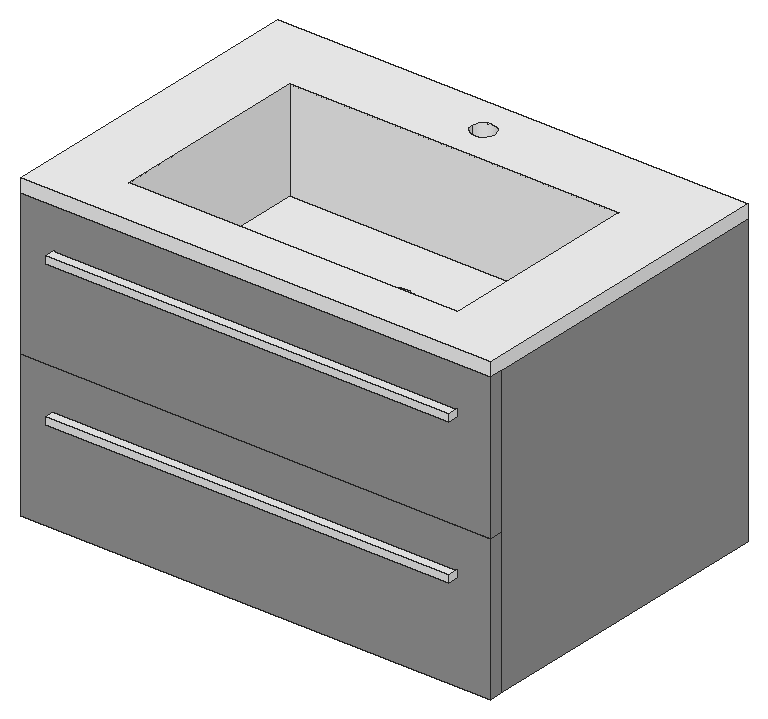
Revit family "MUEBLE SENSE 800 LIGHT BROWN", category Generic Models, Revit 2019
Family settings
  Can host rebar = No
  Round Connector Dimension = Use Diameter
  Part Type = Normal
  Work Plane-Based = No
  Always vertical = Yes
  Cut with Voids When Loaded = No
  Shared = No
  Room Calculation Point = No
Parameters (values of type "ORANS Mueble Orlando Fume (MFC 034) 060,5cm ancho")
  URL = ""
  Profundidad receptáculo = 150 mm
  Prof lavamanos = 300 mm
  Prof borde cub trasero = 110 mm
  Model = ""
  Material tirador = Acero semi pulido
  Material frentes = BLANCO
  Material cubierta = Loza blanco brillo
  Material costados = BLANCO
  Manufacturer = ""
  Largo = 800 mm
  Largo receptáculo = if(Largo = 605 mm, 426 mm, 460 mm)  # 460 mm
  Description = ""
  Ancho tirador = 600 mm
  Ancho borde cub = 155 mm
  Ancho = 480 mm
  Amcho borde cub [instance] = 70 mm
  Alto [instance] = 450 mm
  ANCHO BORDE CUB [instance] = 70 mm
Types (12, lengths in mm): name | Prof lavamanos | Prof borde cub trasero | Material frentes | Material costados | Largo | Largo receptáculo | Ancho tirador | Ancho borde cub | Ancho | Alto
  ORANS Mueble Orlando Fume (MFC 034) 060,5cm ancho | 300 | 110 | BLANCO | BLANCO | 800 | 460 | 600 | 155 | 480 | 450
  ORANS Mueble Orlando Fume (MFC 034) 070,5cm ancho | 275 | 115 | Fume (MFC 034) horizontal | Fume (MFC 034) vertical | 705 | 460 | 250 | 70 | 465 | 570
  ORANS Mueble Orlando Fume (MFC 034) 080,5cm ancho | 275 | 115 | Fume (MFC 034) horizontal | Fume (MFC 034) vertical | 805 | 460 | 250 | 70 | 465 | 570
  ORANS Mueble Orlando Fume (MFC 034) 100,5cm ancho | 275 | 115 | Fume (MFC 034) horizontal | Fume (MFC 034) vertical | 1050 | 460 | 250 | 70 | 465 | 570
  ORANS Mueble Orlando Haya Light (MFC 030) 060,5cm ancho | 275 | 115 | Haya Light (MFC 030) horizontal | Haya Light (MFC 030) vertical | 605 | 426 | 250 | 70 | 465 | 570
  ORANS Mueble Orlando Haya Light (MFC 030) 070,5cm ancho | 275 | 115 | Haya Light (MFC 030) horizontal | Haya Light (MFC 030) vertical | 705 | 460 | 250 | 70 | 465 | 570
  ORANS Mueble Orlando Haya Light (MFC 030) 080,5cm ancho | 275 | 115 | Haya Light (MFC 030) horizontal | Haya Light (MFC 030) vertical | 805 | 460 | 250 | 70 | 465 | 570
  ORANS Mueble Orlando Haya Light (MFC 030) 100,5cm ancho | 275 | 115 | Haya Light (MFC 030) horizontal | Haya Light (MFC 030) vertical | 1050 | 460 | 250 | 70 | 465 | 570
  ORANS Mueble Orlando Oak 1 (MFC 005) 060,5cm ancho | 275 | 115 | Oak1 (MFC 005) horizontal | Oak1 (MFC 005) vertical | 605 | 426 | 250 | 70 | 465 | 570
  ORANS Mueble Orlando Oak 1 (MFC 005) 070,5cm ancho | 275 | 115 | Oak1 (MFC 005) horizontal | Oak1 (MFC 005) vertical | 705 | 460 | 250 | 70 | 465 | 570
  ORANS Mueble Orlando Oak 1 (MFC 005) 080,5cm ancho | 275 | 115 | Oak1 (MFC 005) horizontal | Oak1 (MFC 005) vertical | 805 | 460 | 250 | 70 | 465 | 570
  ORANS Mueble Orlando Oak 1 (MFC 005) 100,5cm ancho | 275 | 115 | Oak1 (MFC 005) horizontal | Oak1 (MFC 005) vertical | 1050 | 460 | 250 | 70 | 465 | 570
Reference planes
  plane 1 "Center (Front/Back)": y = 0
  plane 2: z = 0
  plane 3 "Center (Left/Right)": x = 0
  plane 4: z = 430
  plane 5: z = 450
  plane 6: z = 215
Forms (mm)
  Extrusion 1, solid, material "Loza blanco brillo" <- "Material cubierta"
    sketch origin (0, 0, 0) x (1, 0, 0) y (0, 1, 0)
      loop
        line (-350, -480) -> (350, -480) -> (350, 0) -> (-350, 0) -> (-350, -480)
      loop
        line (-245, -110) -> (-245, -410) -> (245, -410) -> (245, -110) -> (-245, -110)
      loop
        circle (0, -55) r 17.5
    from 430 to 450
  Extrusion 2, solid, material "Loza blanco brillo" <- "Material cubierta"
    sketch origin (0, 0, 0) x (1, 0, 0) y (0, 1, 0)
      loop
        line (-255, -100) -> (-255, -420) -> (255, -420) -> (255, -100) -> (-255, -100)
      loop
        circle (0, -220) r 22.5
    from 290 to 430
  Extrusion 3, void
    sketch origin (0, 0, 0) x (1, 0, 0) y (0, 1, 0)
      loop
        line (-245, -110) -> (-245, -410) -> (245, -410) -> (245, -110) -> (-245, -110)
    from 300 to 430
  Extrusion 4, solid, material "BLANCO" <- "Material costados"
    sketch origin (0, 0, 0) x (1, 0, 0) y (0, 1, 0)
      loop
        line (-350, 0) -> (-350, -460) -> (-329.738, -460) -> (-329.738, 0) -> (-350, 0)
    from 0 to 430
  Extrusion 5, solid, material "BLANCO" <- "Material costados"
    sketch origin (590, 0, 0) x (1, 0, 0) y (0, 1, 0)
      loop
        line (-255, 0) -> (-255, -460) -> (-240, -460) -> (-240, 0) -> (-255, 0)
    from 0 to 430
  Extrusion 6, solid, material "BLANCO" <- "Material frentes"
    sketch origin (0, 0, 0) x (1, 0, 0) y (0, 0, 1)
      loop
        line (-350, 430) -> (-350, 215) -> (350, 215) -> (350, 430) -> (-350, 430)
    from 460 to 480
  Extrusion 7, solid, material "BLANCO" <- "Material frentes"
    sketch origin (0, 0, -200) x (1, 0, 0) y (0, 0, 1)
      loop
        line (-350, 415) -> (-350, 200) -> (350, 200) -> (350, 415) -> (-350, 415)
    from 460 to 480
  Extrusion 8, solid, material "Loza blanco brillo" <- "Material cubierta"
    sketch origin (0, 0, 0) x (1, 0, 0) y (0, 0, 1)
      loop
        line (-329.738, 300) -> (-329.738, 185) -> (335, 185) -> (335, 300) -> (-329.738, 300)
    from 450 to 460
  Extrusion 9, solid, material "Acero semi pulido"
    sketch origin (0, 0, 0) x (1, 0, 0) y (0, 0, 1)
      loop
        line (-300, 370) -> (-300, 360) -> (300, 360) -> (300, 370) -> (-300, 370)
    from 480 to 495.24
  Extrusion 10, solid, material "Acero semi pulido"
    sketch origin (0, 0, -215) x (1, 0, 0) y (0, 0, 1)
      loop
        line (-300, 370) -> (-300, 360) -> (300, 360) -> (300, 370) -> (-300, 370)
    from 480 to 495.24
  Extrusion 11, solid
    sketch origin (0, 0, 0) x (0, 1, 0) y (0, 0, 1)
      loop
        line (0, 430) -> (-20, 430) -> (-20, 20) -> (-460, 20) -> (-460, 0) -> (0, 0) -> (0, 430)
    from -329.738 to 335
Cuts and joins
  Extrusion 3 cuts Extrusion 2
  joined: Extrusion 1, Extrusion 2
Dimensions and locks
  locked: plane 5 to plane 4 at 20
  plane 5 to plane 4 = 20 mm
  "Alto": plane 5 to level
  locked: cut or joined group of Extrusion 1, Extrusion 2, Extrusion 3 to cut or joined group of Extrusion 1, Extrusion 2, Extrusion 3 at 140
  locked: cut or joined group of Extrusion 1, Extrusion 2, Extrusion 3 to cut or joined group of Extrusion 1, Extrusion 2, Extrusion 3 at 130
  equal spacing: plane 4, plane 6, level
  aligned and locked: Extrusion 1 sketch curve to plane 1 "Center (Front/Back)"
  aligned and locked: plane 5 to Extrusion 1
  aligned and locked: Extrusion 1 to plane 4
  aligned and locked: plane 4 to Extrusion 3
  aligned and locked: plane 3 "Center (Left/Right)" to Extrusion 1 sketch curve
  aligned and locked: plane 3 "Center (Left/Right)" to Extrusion 2 sketch curve
  aligned and locked: cut or joined group of Extrusion 1, Extrusion 2, Extrusion 3 to plane 1 "Center (Front/Back)"
  aligned and locked: cut or joined group of Extrusion 1, Extrusion 2, Extrusion 3 to plane 4
  aligned and locked: plane 4 to Extrusion 4
  aligned and locked: Extrusion 4 to plane 1 "Center (Front/Back)"
  aligned and locked: plane 4 to Extrusion 5
  aligned and locked: Extrusion 5 to level
  aligned and locked: Extrusion 5 to plane 4  (x2)
  aligned and locked: level to Extrusion 5  (x2)
  aligned and locked: Extrusion 4 to level
  aligned and locked: Extrusion 4 to plane 4  (x2)
  aligned and locked: plane 5 to cut or joined group of Extrusion 1, Extrusion 2, Extrusion 3
  aligned and locked: cut or joined group of Extrusion 1, Extrusion 2, Extrusion 3 to plane 5  (x2)
  aligned and locked: plane 4 to cut or joined group of Extrusion 1, Extrusion 2, Extrusion 3  (x2)
  aligned and locked: level to Extrusion 4
  aligned and locked: plane 6 to Extrusion 7
  aligned and locked: Extrusion 6 to plane 6
Automatic sketch dimensions
  plane 1 "Center (Front/Back)" to Extrusion 4 sketch curve = 0 mm
  plane 1 "Center (Front/Back)" to Extrusion 5 sketch curve = 0 mm
  Extrusion 6 sketch curve to plane 4 = 0 mm
  Extrusion 6 sketch curve to plane 6 = 0 mm
  Extrusion 7 sketch curve to level = 0 mm
  Extrusion 7 sketch curve to plane 6 = 0 mm
  Extrusion 8 sketch curve to plane 6 = 30 mm
  plane 6 to Extrusion 8 sketch curve = 85 mm
  Extrusion 9 sketch curve to plane 4 = 70 mm
  Extrusion 9 sketch curve to Extrusion 9 sketch curve = 10 mm
  Extrusion 10 sketch curve to plane 6 = 70 mm
  Extrusion 10 sketch curve to Extrusion 10 sketch curve = 10 mm
  Extrusion 1 sketch curve to plane 3 "Center (Left/Right)" = 245 mm
  Extrusion 1 sketch curve to Extrusion 1 sketch curve = 105 mm  (x2)
  plane 3 "Center (Left/Right)" to Extrusion 1 sketch curve = 245 mm
  Extrusion 2 sketch curve to plane 3 "Center (Left/Right)" = 255 mm
  plane 3 "Center (Left/Right)" to Extrusion 2 sketch curve = 255 mm
  Extrusion 3 sketch curve to plane 3 "Center (Left/Right)" = 245 mm
  plane 3 "Center (Left/Right)" to Extrusion 3 sketch curve = 245 mm
  Extrusion 4 sketch curve to plane 3 "Center (Left/Right)" = 350 mm
  Extrusion 4 sketch curve to Extrusion 4 sketch curve = 20.262 mm
  plane 3 "Center (Left/Right)" to Extrusion 5 sketch curve = 335 mm
  Extrusion 5 sketch curve to Extrusion 5 sketch curve = 15 mm
  Extrusion 6 sketch curve to plane 3 "Center (Left/Right)" = 350 mm
  plane 3 "Center (Left/Right)" to Extrusion 6 sketch curve = 350 mm
  Extrusion 7 sketch curve to plane 3 "Center (Left/Right)" = 350 mm
  plane 3 "Center (Left/Right)" to Extrusion 7 sketch curve = 350 mm
  Extrusion 8 sketch curve to plane 3 "Center (Left/Right)" = 329.738 mm
  plane 3 "Center (Left/Right)" to Extrusion 8 sketch curve = 335 mm
  Extrusion 9 sketch curve to plane 3 "Center (Left/Right)" = 300 mm
  plane 3 "Center (Left/Right)" to Extrusion 9 sketch curve = 300 mm
  Extrusion 10 sketch curve to plane 3 "Center (Left/Right)" = 300 mm
  plane 3 "Center (Left/Right)" to Extrusion 10 sketch curve = 300 mm
  plane 1 "Center (Front/Back)" to Extrusion 1 sketch curve = 55 mm
  plane 1 "Center (Front/Back)" to Extrusion 1 sketch curve = 110 mm
  Extrusion 1 sketch curve to Extrusion 1 sketch curve = 300 mm
  Extrusion 1 sketch curve to Extrusion 1 sketch curve = 70 mm
  plane 1 "Center (Front/Back)" to Extrusion 2 sketch curve = 420 mm
  plane 1 "Center (Front/Back)" to Extrusion 2 sketch curve = 220 mm
  plane 1 "Center (Front/Back)" to Extrusion 2 sketch curve = 100 mm
  plane 1 "Center (Front/Back)" to Extrusion 3 sketch curve = 410 mm
  plane 1 "Center (Front/Back)" to Extrusion 3 sketch curve = 110 mm
  plane 1 "Center (Front/Back)" to Extrusion 4 sketch curve = 460 mm
  plane 1 "Center (Front/Back)" to Extrusion 5 sketch curve = 460 mm
  Extrusion 11 sketch curve to level = 0 mm
  Extrusion 11 sketch curve to plane 4 = 0 mm
  Extrusion 11 sketch curve to plane 1 "Center (Front/Back)" = 0 mm
  plane 1 "Center (Front/Back)" to Extrusion 11 sketch curve = 20 mm
  Extrusion 11 sketch curve to Extrusion 11 sketch curve = 440 mm
  level to Extrusion 11 sketch curve = 20 mm
  radius of Extrusion 1 sketch curve = 17.5 mm
  radius of Extrusion 2 sketch curve = 22.5 mm
